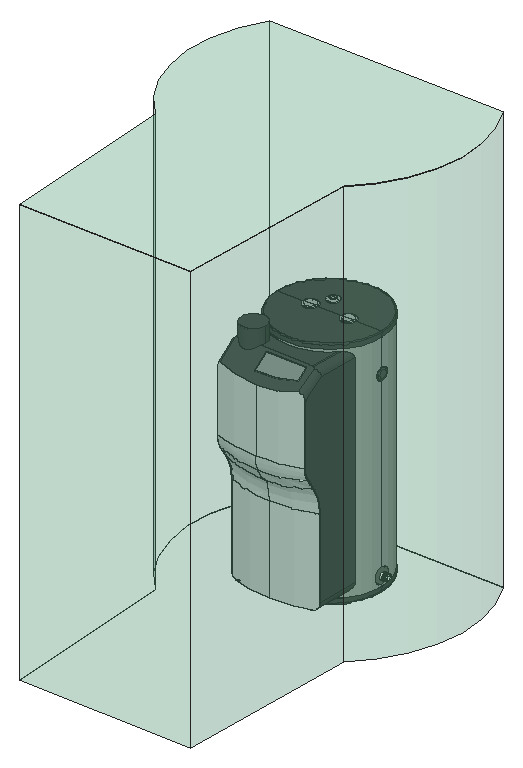
Revit family "Innovo GB_IR 12 200 GB NAT", category Mechanical Equipment, Revit 2015
Parameters (values of type "IR-12-200 GB NAT")
  Workspace Radius = Diameter + 170 mm  # 730 mm
  Workspace Height = Height + 1000 mm  # 2270 mm
  Workspace Front Distance = 1000 mm
  Working only during off-peak hour = no
  Width = Diameter  # 560 mm
  Workspace [instance] = yes
  Water heating energy efficiency class (2) = "-"
  Water heating energy efficiency class (1) = "A"  # constant formula
  Water heating energy efficiency (2) = "-"
  Water heating energy efficiency (1) = "92%"
  Warranty on tank = "36 months"  # constant formula
  Warranty on parts = "12 months"  # constant formula
  Voltage = 230 V  # constant formula
  Valve Height 02 = if(and(Height = 1745 mm, Diameter = 675 mm), 1518 mm, if(and(Height = 1745 mm, Diameter = 610 mm), 1534 mm, if(Height = 1545 mm, 1328 mm, 1070 mm)))  # 1070 mm
  Valve Height 01 = if(and(Diameter > 560 mm), 693 mm, 604 mm)  # 604 mm
  URL = "www.aosmith.co.uk"
  Type of Packaging = "Carton and Wood"  # constant formula
  Transport Weight = 114 kg
  Trade mark = "A.O. Smith"  # constant formula
  Thermostat temperature setting = 65 °C  # constant formula
  T&P Connection Rp = 3/4"
  Storage Capacity = 160.0 L
  Standard Set For = "G31"
  Stand-by Loss - daily (24h) = 0 W
  Stand-by Loss = 0 W
  Smart control = no
  Serial Number = "8717449286064"
  Seasonal Energy Efficiency Rating = [Energy Efficiency Rating (Hs, acc NEN-EN 89-1999)]  # 95
  Recovery Rate @ ΔT = 70°C = 240.0 L/s
  Recovery Rate @ ΔT = 55°C = 300.0 L/s
  Recovery Rate @ ΔT = 50°C = 330.0 L/s
  Recovery Rate @ ΔT = 44°C = 380.0 L/s
  Recovery Rate @ ΔT = 28°C = 590.0 L/s
  Product Instruction Link = ""
  Product Documentation Link = ""
  Precaustions during assembling, installation or maintenance = "see User, Installation, Service and Maintenance Manual"  # constant formula
  Power Consumption (peak) = 85 W
  Power Consumption (nominal) = 36 W
  Phase = 1
  Packaging Width = 786 mm  # constant formula
  Packaging Length = 946 mm  # constant formula
  Packaging Height = 1465 mm
  Other load profile = "-"
  Operating Weight = 274 kg
  Nominal Output = "18700"
  Nominal Heat Input (Net) = "18000"
  Nominal Heat Input (Gross) = "19600"
  Noice-level dB (A) = "<45"  # constant formula
  NOx Emissions mg/kWh = "64.0/30.0"
  NOx Emissions (air free, 0% O2) ppm = "39.0/18.0"
  Model identifier = "IR-20-160"
  Model = "IR-20-160 GB LP"
  Min. Setpoint = 40 °C  # constant formula
  Max. Setpoint = 85 °C  # constant formula
  Max. Operating Pressure = 800000.0 Pa
  Max. Flue Gas Outlet Temperature = 61 °C
  Manufacturer Number = "E 7110"  # constant formula
  Manufacturer = "A.O. Smith Water Products Company b.v."  # constant formula
  Maintenance Interval = "12 months"  # constant formula
  Load profile = "XL"
  Length = 780 mm  # constant formula
  Insulation Thickness = 50 mm
  Installation Type = "B23/C13/C33/C43/C53/C63"  # constant formula
  Indoor sound power level = "52 dB"
  Hot / Warm Water Connection R = 3/4"
  Height Warm Water Outlet = 1270 mm
  Height Gas Connection = 860 mm
  Height Flue Outlet = 1295 mm
  Height Cold Water Inlet = 170 mm
  Height Air Inlet = 1295 mm
  Height = 1270 mm
  Heating Up Time @ ΔT = 70°C = "27"
  Heating Up Time @ ΔT = 55°C = "21"
  Heating Up Time @ ΔT = 50°C = "19"
  Heating Up Time @ ΔT = 44°C = "17"
  Heating Up Time @ ΔT = 28°C = "11"
  Gas Supply Pressure = 3700.0 Pa
  Gas Flow Rate - Volume ltr/hr = "n.a."
  Gas Flow Rate - Mass kg/h = "1.40"
  Gas Connection R = 15"  # constant formula
  Gas Category = "II2E3P"  # constant formula
  Frequency = 50 Hz  # constant formula
  Flue Diameter - water heater = "80/125 mm/mm"  # constant formula
  Flue Diameter - parallel system = "2x80"  # constant formula
  Flue Diameter - concentric system = "80/125 mm/mm"  # constant formula
  Energy Efficiency Rating (Hs, acc NEN-EN 89-1999) = 95
  Energy Efficiency Rating (Hi, acc NEN-EN 89-1999) = 106
  Empty Weight = 95 kg
  Draw-off Capacity @ ΔT = 70°C after 90 min. = 410.0 L
  Draw-off Capacity @ ΔT = 70°C after 60 min. = 290.0 L
  Draw-off Capacity @ ΔT = 70°C after 30 min. = 170.0 L
  Draw-off Capacity @ ΔT = 70°C after 120 min. = 520.0 L
  Draw-off Capacity @ ΔT = 55°C after 90 min. = 540.0 L
  Draw-off Capacity @ ΔT = 55°C after 60 min. = 390.0 L
  Draw-off Capacity @ ΔT = 55°C after 30 min. = 240.0 L
  Draw-off Capacity @ ΔT = 55°C after 120 min. = 700.0 L
  Draw-off Capacity @ ΔT = 50°C after 90 min. = 600.0 L
  Draw-off Capacity @ ΔT = 50°C after 60 min. = 440.0 L
  Draw-off Capacity @ ΔT = 50°C after 30 min. = 270.0 L
  Draw-off Capacity @ ΔT = 50°C after 120 min. = 770.0 L
  Draw-off Capacity @ ΔT = 44°C after 90 min. = 690.0 L
  Draw-off Capacity @ ΔT = 44°C after 60 min. = 510.0 L
  Draw-off Capacity @ ΔT = 44°C after 30 min. = 320.0 L
  Draw-off Capacity @ ΔT = 44°C after 120 min. = 880.0 L
  Draw-off Capacity @ ΔT = 28°C after 90 min. = 1200.0 L
  Draw-off Capacity @ ΔT = 28°C after 60 min. = 820.0 L
  Draw-off Capacity @ ΔT = 28°C after 30 min. = 530.0 L
  Draw-off Capacity @ ΔT = 28°C after 120 min. = 1500.0 L
  Drain Valve Connection Rp = 3/4"  # constant formula
  Diameter = 560 mm
  Destination / Country = "UK & Ireland"  # constant formula
  Description = "Condensing High Efficiency Storage Water Heater"  # constant formula
  Default Setpoint = 65 °C  # constant formula
  Created By = "http://www.cadcompany.nl/"
  Condens Discharge Connection = 40 mm  # constant formula
  Cold Water Connection R = 3/4"  # constant formula
  Co2 Emissions (tol. +/- 1.0) vol% = "10"
  CE-PIN = "0063CQ3037"  # constant formula
  BIM Content Developer = "CAD & Company"  # constant formula
  Assembly Code = "D3010"
  Annual fuel consumption (2) = "-"
  Annual fuel consumption (1) = "16 GJ GCV"
  Annual electricity consumption (2) = "-"
  Annual electricity consumption (1) = "37 kWh"
  APS Pressure < = 115.0 Pa
  2nd Maintenance (general maintenance) = "12 months after installation"  # constant formula
  1e Maintenance (check-up) = "3 months after installation"  # constant formula
Reference planes
  plane 1 "Center (Front/Back)": y = 0
  plane 2: z = 0
  plane 3 "Center (Left/Right)": x = 0
  plane 4 "Pipe": through (-383.901, 912.349, 194.799) normal (-0.0879, -0.0879, 0.9923)
  plane 5 "footing": y = 118.925
  plane 6 "footing front": y = -237.85
  plane 7: x = -280
  plane 8: x = 280
  plane 9: z = 1270
Forms (mm)
  Revolve 1, solid, material "RAL 9005", detail levels medium+fine
    sketch origin (0, -237.85, 0) x (-1, 0, 0) y (0, 0, 1)
      loop
        line (0, 28.9) -> (-15, 28.9) -> (-15, 26.4) -> (-8.671, 26.4) -> (-8.671, 18) -> (-5.686, 18) -> (-6.626, 17.06) -> (-6.626, 12.06) -> (-8.671, 12.06) -> (-8.671, 10) -> (-10.031, 10) -> (-23.271, 5.181)
        arc (-23.271, 5.181) -> (-23.763, 4.836) -> (-24.017, 4.293) r 1.159
        line (-24.017, 4.293) -> (-24.017, 1.03)
        arc (-24.017, 1.03) -> (-23.715, 0.302) -> (-22.986, 0) r 1.03
        line (-22.986, 0) -> (0, 0) -> (0, 28.9)
      axis (0, 28.9) -> (0, 0)
    angle from 0 to 360
  Revolve 2, solid, material "RAL 9005", detail levels medium+fine
    sketch origin (0, 118.925, 0) x (-1, 0, 0) y (0, 0, 1)
      loop
        line (-180.984, 28.9) -> (-195.984, 28.9) -> (-195.984, 26.4) -> (-189.655, 26.4) -> (-189.655, 18) -> (-186.67, 18) -> (-187.61, 17.06) -> (-187.61, 12.06) -> (-189.655, 12.06) -> (-189.655, 10) -> (-191.015, 10) -> (-204.256, 5.181)
        arc (-204.256, 5.181) -> (-204.747, 4.836) -> (-205.001, 4.293) r 1.159
        line (-205.001, 4.293) -> (-205.001, 1.03)
        arc (-205.001, 1.03) -> (-204.699, 0.302) -> (-203.971, 0) r 1.03
        line (-203.971, 0) -> (-180.984, 0) -> (-180.984, 28.9)
      axis (-180.984, 28.9) -> (-180.984, 0)
    angle from 0 to 360
  Revolve 3, solid, material "RAL 9005", detail levels medium+fine
    sketch origin (0, 118.925, 0) x (-1, 0, 0) y (0, 0, 1)
      loop
        line (179.016, 28.9) -> (164.016, 28.9) -> (164.016, 26.4) -> (170.345, 26.4) -> (170.345, 18) -> (173.33, 18) -> (172.39, 17.06) -> (172.39, 12.06) -> (170.345, 12.06) -> (170.345, 10) -> (168.985, 10) -> (155.744, 5.181)
        arc (155.744, 5.181) -> (155.253, 4.836) -> (154.999, 4.293) r 1.159
        line (154.999, 4.293) -> (154.999, 1.03)
        arc (154.999, 1.03) -> (155.301, 0.302) -> (156.029, 0) r 1.03
        line (156.029, 0) -> (179.016, 0) -> (179.016, 28.9)
      axis (179.016, 28.9) -> (179.016, 0)
    angle from 0 to 360
Lines and regions (mm)
  symbolic lines
    curve 1: line (0, 280.06, 0) -> (0, -280.06, 0)
    curve 2: line (-255.06, 0, 0) -> (255.06, 0, 0)
  symbolic lines, style "Workspace"
    curve 3: line (623.261, 380.06, 0) -> (-623.261, 380.06, 0)
    curve 4: arc (-623.261, 380.06, 0) -> (-723.227, -99.209, 0) -> (-497.893, -533.856, 0) r 730
    curve 5: line (-497.893, -533.856, 0) -> (-454.283, -1492.825, 0)
    curve 6: line (-454.283, -1492.825, 0) -> (456.53, -1492.825, 0)
    curve 7: line (456.53, -1492.825, 0) -> (500.201, -531.695, 0)
    curve 8: arc (500.201, -531.695, 0) -> (723.44, -97.643, 0) -> (623.261, 380.06, 0) r 730
Dimensions and locks
  plane 5 "footing" to plane 1 "Center (Front/Back)" = 118.925 mm
  plane 1 "Center (Front/Back)" to plane 6 "footing front" = 237.85 mm
  "Diameter": plane 7 to plane 8
  equal spacing: plane 7, plane 3 "Center (Left/Right)", plane 8
  "Height": plane 9 to plane 2
  "Workspace Front Distance": curve 6 to nested 3
  "Workspace Radius": radius of curve 4
  "Workspace Radius": radius of curve 8
  aligned and locked: level to plane 2
  aligned and locked: nested 3 to Revolve 1 sketch curve
  aligned and locked: plane 3 "Center (Left/Right)" to Revolve 1 sketch curve
  aligned and locked: nested 3 to plane 1 "Center (Front/Back)"
  aligned and locked: plane 3 "Center (Left/Right)" to nested 3
  aligned and locked: nested 1 to plane 8
  aligned and locked: nested 5 to plane 8
  aligned and locked: nested 2 to plane 7
  aligned and locked: nested 4 to plane 7
  aligned and locked: nested 7 to plane 7
  aligned and locked: nested 8 to plane 3 "Center (Left/Right)"
  aligned and locked: plane 1 "Center (Front/Back)" to nested 8
  aligned and locked: nested 8 to nested 3
  aligned and locked: curve 5 to nested 8
  aligned and locked: curve 7 to nested 8
  aligned and locked: curve 3 to nested 8
Automatic sketch dimensions
  Revolve 1 sketch curve to level = 0 mm
  plane 3 "Center (Left/Right)" to Revolve 1 sketch curve = 5.686 mm
  Revolve 1 sketch curve to Revolve 1 sketch curve = 0.94 mm  (x2)
  Revolve 1 sketch curve to Revolve 1 sketch curve = 2.046 mm  (x2)
  Revolve 1 sketch curve to Revolve 1 sketch curve = 1.359 mm
  Revolve 1 sketch curve to Revolve 1 sketch curve = 6.329 mm
  level to Revolve 1 sketch curve = 4.091 mm
  Revolve 1 sketch curve to Revolve 1 sketch curve = 12.844 mm
  level to Revolve 1 sketch curve = 1.03 mm
  Revolve 1 sketch curve to Revolve 1 sketch curve = 0.111 mm
  level to Revolve 1 sketch curve = 5.181 mm
  Revolve 1 sketch curve to Revolve 1 sketch curve = 0.745 mm
  level to Revolve 1 sketch curve = 10 mm
  Revolve 1 sketch curve to Revolve 1 sketch curve = 2.06 mm
  Revolve 1 sketch curve to Revolve 1 sketch curve = 5 mm
  Revolve 1 sketch curve to Revolve 1 sketch curve = 8.4 mm
  Revolve 1 sketch curve to Revolve 1 sketch curve = 2.5 mm
  Revolve 1 sketch curve to level = 19.635 mm
  Revolve 1 sketch curve to Revolve 1 sketch curve = 46.465 mm
  Revolve 2 sketch curve to level = 0 mm
  level to Revolve 2 sketch curve = 1.03 mm
  Revolve 2 sketch curve to plane 8 = 74.999 mm
  level to Revolve 2 sketch curve = 5.181 mm
  Revolve 2 sketch curve to Revolve 2 sketch curve = 0.745 mm
  Revolve 2 sketch curve to Revolve 2 sketch curve = 0.397 mm
  Revolve 2 sketch curve to Revolve 2 sketch curve = 8.271 mm
  Revolve 2 sketch curve to Revolve 2 sketch curve = 13.241 mm
  Revolve 2 sketch curve to Revolve 2 sketch curve = 1.359 mm
  Revolve 2 sketch curve to Revolve 2 sketch curve = 6.329 mm
  Revolve 2 sketch curve to Revolve 2 sketch curve = 2.046 mm
  level to Revolve 2 sketch curve = 18 mm
  Revolve 2 sketch curve to Revolve 2 sketch curve = 0.94 mm  (x2)
  Revolve 2 sketch curve to Revolve 2 sketch curve = 8.671 mm
  Revolve 2 sketch curve to Revolve 2 sketch curve = 1.089 mm
  Revolve 2 sketch curve to Revolve 2 sketch curve = 8 mm
  Revolve 2 sketch curve to Revolve 2 sketch curve = 2.06 mm
  Revolve 2 sketch curve to Revolve 2 sketch curve = 8.4 mm
  Revolve 2 sketch curve to Revolve 2 sketch curve = 2.5 mm
  Revolve 2 sketch curve to Revolve 2 sketch curve = 0 mm
  Revolve 2 sketch curve to level = 19.635 mm
  Revolve 2 sketch curve to Revolve 2 sketch curve = 46.465 mm
  Revolve 3 sketch curve to level = 0 mm
  level to Revolve 3 sketch curve = 1.03 mm
  Revolve 3 sketch curve to plane 7 = 125.001 mm
  level to Revolve 3 sketch curve = 5.181 mm
  Revolve 3 sketch curve to Revolve 3 sketch curve = 0.745 mm
  Revolve 3 sketch curve to Revolve 3 sketch curve = 0.397 mm
  Revolve 3 sketch curve to Revolve 3 sketch curve = 8.271 mm
  Revolve 3 sketch curve to Revolve 3 sketch curve = 13.241 mm
  Revolve 3 sketch curve to Revolve 3 sketch curve = 1.359 mm
  Revolve 3 sketch curve to Revolve 3 sketch curve = 6.329 mm
  Revolve 3 sketch curve to Revolve 3 sketch curve = 2.046 mm
  level to Revolve 3 sketch curve = 18 mm
  Revolve 3 sketch curve to Revolve 3 sketch curve = 0.94 mm  (x2)
  Revolve 3 sketch curve to Revolve 3 sketch curve = 8.671 mm
  Revolve 3 sketch curve to Revolve 3 sketch curve = 1.089 mm
  Revolve 3 sketch curve to Revolve 3 sketch curve = 8 mm
  Revolve 3 sketch curve to Revolve 3 sketch curve = 2.06 mm
  Revolve 3 sketch curve to Revolve 3 sketch curve = 8.4 mm
  Revolve 3 sketch curve to Revolve 3 sketch curve = 2.5 mm
  Revolve 3 sketch curve to Revolve 3 sketch curve = 0 mm
  Revolve 3 sketch curve to level = 19.635 mm
  Revolve 3 sketch curve to Revolve 3 sketch curve = 46.465 mm
  curve 4 to curve 8 = 0 mm  (x2)
  plane 1 "Center (Front/Back)" to curve 2 = 0 mm
  curve 1 to plane 3 "Center (Left/Right)" = 0 mm
  plane 1 "Center (Front/Back)" to curve 4 = 0 mm
  curve 4 to plane 3 "Center (Left/Right)" = 0 mm
  curve 2 to plane 7 = 24.94 mm
  curve 2 to plane 8 = 24.94 mm
  curve 1 to plane 6 "footing front" = 42.21 mm
  plane 5 "footing" to curve 1 = 161.135 mm
Nested families
  nested 1: "Valve" at (280, -0.38, 1070) x (0, 1, 0) z (0, 0, 1), built-in parameter 1001364 <- "Valve Height 02", type "Valve"
  nested 2: "Drain Valve" at (-280, 0, 1070), built-in parameter 1001364 <- "Valve Height 02", type "Drain Valve"
  nested 3: "Housing Mother Housing S 57 (external)" at (0, -274.886, 0), type "Housing Mother_Housing S_57"
  nested 4: "Drain Valve" at (-280, 0, 177), type "Drain Valve"
  nested 5: "Drain Valve" at (280, 0, 107) x (-1, 0, 0) z (0, 0, 1), type "Drain Valve"
  nested 6: "Boiler" at (0, 0, 0), height <- "Height", type "Boiler"
    with height 1270 mm
  nested 7: "Drain Valve" at (-280, 0, 604), built-in parameter 1001364 <- "Valve Height 01", type "Drain Valve"
  nested 8: "Innovo_workspace" at (0, 0, 0), Workspace <- "Workspace", Workspace Distance Front <- "Workspace Front Distance", Workspace Height <- "Workspace Height", Workspace Radius <- "Workspace Radius", type "Workspace"
    with Workspace Radius 730 mm, Workspace Height 2270 mm, Workspace Distance Front 1000 mm, Workspace yes, Center to Front 492.825 mm
Connectors
  piping at (314.826, 0, 107), diameter 19.05, driven by "Drain Valve Connection Rp"
    settings: on nested 5, index 1, connector inside diameter 24", connector length 0 mm, flow factor 0, pipe flow 0.0 L/s, pressure drop 0.0 Pa, fitting loss kfactor 0, connector angle 0.00°, fixture units 0, engagement length 0 mm, angle of deflection 0.00°, flow configuration 0, flow direction 0, fitting loss method 0, system type 19, joint type 0, gender type 0, connector reference index -1, connector utility 0, adjustable connector no, is connector primary yes, connector description ""
  hvac at (-147.013, -321.326, 1310.674)
    settings: on nested 3, index 2, duct flow 0.0 L/s, flow factor 0, pres drop 0.0 Pa, loss coef 0, conn angle 0.00°, conn width 304.8 mm, conn height 304.8 mm, conn diameter 125 mm, duct sys type 4, conn prof type 0, flow config 0, flow direction 0, loss method 0, conn ref index -1, conn util no, is conn primary yes, conn desc ""
Definition of nested family "Valve"
  Parameters (values of type "Valve")
    Type Comments = "T&P valve (internal)"
    Manufacturer = "A.O. Smith"
  Reference planes
    plane 1 "Center (Front/Back)": y = 0
    plane 2: z = 0
    plane 3 "Center (Left/Right)": x = 0
  Forms (mm)
    Extrusion 1, solid, detail levels fine
      sketch origin (0, 0, 0) x (1, 0, 0) y (0, 0, 1)
        loop
          circle (0, 0) r 31.5
      from -2.271 to 1.4
    Sweep 2, solid, detail levels fine
      path origin (0, -1.4, 0) x (1, 0, 0) y (0, 0, 1)
        loop
          circle (0, 0) r 31.5
      profile origin (0, -1.4, 31.5) x (0, 0, -1) y (0, -1, 0)
        loop
          line (7.3, 0) -> (7.3, 3) -> (0, 0) -> (7.3, 0)
  Dimensions and locks
    aligned and locked: level to plane 2
Definition of nested family "Drain Valve"
  Reference planes
    plane 1 "Center (Front/Back)": y = 0
    plane 2: z = 0
    plane 3 "Center (Left/Right)": x = 0
  Forms (mm)
    Revolve 1, solid, detail levels medium+fine
      sketch origin (0, 0, 0) x (1, 0, 0) y (0, 0, 1)
        loop
          line (-33.442, 15.696) -> (-34.826, 14.329) -> (-34.93, 12.731) -> (-16.555, 12.731) -> (-16.555, 0) -> (15.787, 0) -> (15.787, 18.3) -> (-14.4, 18.3) -> (-17.148, 15.533) -> (-18.729, 16.697) -> (-20.091, 15.333) -> (-21.672, 16.496) -> (-23.034, 15.133) -> (-24.614, 16.296) -> (-25.976, 14.932) -> (-27.557, 16.096) -> (-28.919, 14.732) -> (-30.5, 15.896) -> (-31.862, 14.532) -> (-33.442, 15.696)
        axis (-34.93, 0) -> (15.787, 0)
      angle from 0 to 360
  Dimensions and locks
    aligned and locked: level to plane 2
  Nested families
    nested 1: "Rubber sealing" at (2.592, -0.155, 0) x (0.0023, -1, 0) z (0, 0, 1), type "Rubber sealing", detail levels fine
  Definition of nested family "Rubber sealing"
    Reference planes
      plane 1 "Center (Front/Back)": y = 0
      plane 2: z = 0
      plane 3 "Center (Left/Right)": x = 0
    Forms (mm)
      Extrusion 1, solid, detail levels fine
        sketch origin (141.861, 319.581, 0) x (1, 0, 0) y (0, 1, 0)
          loop
            line (-216.354, -311.898) -> (-216.354, -313.94)
            arc (-216.354, -313.94) -> (-141.602, -321.581) -> (-66.861, -313.835) r 366.966
            line (-66.861, -313.835) -> (-66.861, -311.791)
            arc (-66.861, -311.791) -> (-141.602, -319.581) -> (-216.354, -311.898) r 364.966
        from -80 to 80
      Extrusion 2, void
        sketch origin (141.861, 319.581, 0) x (1, 0, 0) y (0, 0, 1)
          loop
            circle (-141.861, 0) r 13
          loop
            circle (-141.861, 0) r 110
          loop
            circle (-141.861, 0) r 40
        from 311.563 to 332.684
      Extrusion 3, void
        sketch origin (141.861, 319.581, 0) x (1, 0, 0) y (0, 0, 1)
          loop
            circle (-141.861, 0) r 18.25
        from 315.524 to 326.084
    Cuts and joins
      Extrusion 2, Extrusion 3 cuts Extrusion 1
    Dimensions and locks
      aligned and locked: level to plane 2
Definition of nested family "Housing Mother Housing S 57 (external)"
  Parameters (values of type "Housing Mother_Housing S_57")
    radius [instance] = 280 mm
    distance to boiler center = if(diameter = 675 mm, 189 mm, if(diameter = 610 mm, 154 mm, 129 mm))  # 129 mm
    diameter = 560 mm
  Reference planes
    plane 1 "Center (Front/Back)": y = 0
    plane 2: z = 0
    plane 3 "Center (Left/Right)": x = 0
    plane 4 "left": through (-245.286, 145.886, 1200) normal (0.9994, 0.0349, 0)
    plane 5: y = -217.939
    plane 6: y = 145.886
    plane 7: z = 1232.6
    plane 8: z = 65.89
    plane 9 "right": through (245.286, 145.886, 1200) normal (0.9994, -0.0349, 0)
    plane 10 "display": through (0, -90.37, 1221.196) normal (0, -0.5736, 0.8192)
    plane 11 "Potentiostat": z = 867.899
    plane 12 "boiler center": y = 274.886
    plane 13: x = -280
    plane 14: x = 280
  Forms (mm)
    Extrusion 1, solid
      sketch origin (0, 0, 0) x (1, 0, 0) y (0, 1, 0)
        loop
          line (-245.286, 145.886) -> (-232.581, -217.939) -> (232.581, -217.939) -> (245.286, 145.886)
          arc (245.286, 145.886) -> (0, 0.923) -> (-245.286, 145.886) r 280
      from 0 to 1232.6
    Sweep 2, void
      path origin (0, 0, 0) x (0, 1, 0) y (0, 0, 1)
        loop
          line (-217.939, 1232.6) -> (-217.939, 795.555)
          arc (-217.939, 795.555) -> (-212.387, 754.285) -> (-197.694, 715.322) r 183.924
          arc (-197.694, 715.322) -> (-179.915, 684.628) -> (-159.106, 655.901) r 348.284
          arc (-159.106, 655.901) -> (-131.411, 600.328) -> (-121.88, 538.973) r 202.254
          line (-121.88, 538.973) -> (-121.88, 61.106)
      profile origin (0, -217.939, 1014.077) x (1, 0, 0) y (0, 1, 0)
        loop
          arc (0, 0) -> (-117.533, 9.941) -> (-231.728, 39.475) r 699.984
          arc (-231.728, 39.475) -> (-233.391, 40.705) -> (-234.07, 42.659) r 3.505
          line (-234.07, 42.659) -> (-254.062, 42.659) -> (-254.062, -142.593) -> (254.07, -142.593) -> (254.07, 42.659) -> (234.07, 42.659)
          arc (234.07, 42.659) -> (233.391, 40.705) -> (231.728, 39.475) r 3.505
          arc (231.728, 39.475) -> (117.533, 9.941) -> (0, 0) r 699.984
    Extrusion 3, void
      sketch origin (0, 0, 0) x (0, 1, 0) y (0, 0, 1)
        loop
          arc (102.864, 70.869) -> (99.804, 70.709) -> (96.874, 69.813) r 12.57
          arc (96.874, 69.813) -> (87.878, 66.533) -> (78.516, 64.529) r 69.114
          arc (78.516, 64.529) -> (76.41, 64.284) -> (74.294, 64.148) r 41.206
          arc (74.294, 64.148) -> (65.203, 64.335) -> (56.122, 64.782) r 318.661
          arc (56.122, 64.782) -> (30.585, 66.179) -> (5.028, 67.128) r 1456.581
          line (5.028, 67.128) -> (-84.534, 73.135)
          arc (-84.534, 73.135) -> (-86.363, 73.808) -> (-87.536, 75.365) r 3.455
          line (-87.536, 75.365) -> (-264.473, 75.365) -> (-264.473, 0) -> (160.886, 0) -> (160.886, 103.945) -> (145.886, 103.945)
          arc (145.886, 103.945) -> (145.104, 97.827) -> (142.923, 92.059) r 26.364
          arc (142.923, 92.059) -> (141.067, 88.936) -> (138.867, 86.045) r 31.715
          arc (138.867, 86.045) -> (135.576, 82.49) -> (132.021, 79.2) r 62.615
          arc (132.021, 79.2) -> (125.841, 74.697) -> (119.091, 71.103) r 54.444
          arc (119.091, 71.103) -> (116.371, 70.272) -> (113.531, 70.123) r 11.669
          line (113.531, 70.123) -> (102.864, 70.869)
      from -254.062 to 254.07
    Sweep 4, void
      path origin (0, 0, 0) x (1, 0, 0) y (0, 1, 0)
        loop
          line (-245.286, 145.886) -> (-232.581, -217.939)
      profile origin (-238.933, -36.027, 0) x (0.999391, 0.034899, 0) y (0, 0, 1)
        loop
          line (-4.454, 0) -> (47.084, 0) -> (47.084, 73.431)
          arc (47.084, 73.431) -> (14.222, 85.134) -> (0.255, 117.1) r 43.922
          line (0.255, 117.1) -> (-4.454, 117.1) -> (-4.454, 0)
    Sweep 5, void
      path origin (0, 0, 0) x (-1, 0, 0) y (0, 1, 0)
        loop
          line (-245.286, 145.886) -> (-232.581, -217.939)
      profile origin (238.933, -36.027, 0) x (0.999391, -0.034899, 0) y (0, 0, 1)
        loop
          line (4.454, 0) -> (4.454, 117.1) -> (-0.255, 117.1)
          arc (-0.255, 117.1) -> (-14.222, 85.134) -> (-47.084, 73.431) r 43.922
          line (-47.084, 73.431) -> (-47.084, 0) -> (4.454, 0)
    Sweep 6, void
      path origin (-239.899, -8.377, 0) x (-0.034899, 0.999391, 0) y (0, 0, 1)
        loop
          line (-209.69, 1141.272) -> (-79.18, 1232.6) -> (154.358, 1232.6)
      profile origin (-241.211, 29.188, 1232.6) x (0, 0, 1) y (0.999391, 0.034899, 0)
        loop
          line (-45, -30) -> (75, -30) -> (75, 0) -> (75, 55) -> (2.799, 55) -> (-1.253, 35.128)
          arc (-1.253, 35.128) -> (-16.771, 9.564) -> (-45, -0.308) r 44.287
          line (-45, -0.308) -> (-45, -30)
    Sweep 7, void
      path origin (239.899, -8.377, 0) x (0.034899, 0.999391, 0) y (0, 0, 1)
        loop
          line (-209.69, 1141.272) -> (-79.18, 1232.6) -> (154.358, 1232.6)
      profile origin (241.211, 29.188, 1232.6) x (0, 0, -1) y (-0.999391, 0.034899, 0)
        loop
          line (-75, -25) -> (45, -25) -> (45, -0.308)
          arc (45, -0.308) -> (16.771, 9.564) -> (1.253, 35.128) r 44.287
          line (1.253, 35.128) -> (-2.799, 55) -> (-75, 55) -> (-75, -25)
    Extrusion 8, void
      sketch origin (0, 0, 0) x (0, 1, 0) y (0, 0, 1)
        loop
          line (-270, 1336.099) -> (-270, 1099.081) -> (68.497, 1336.099) -> (-270, 1336.099)
      from -425.038 to 444.42
    Extrusion 9, solid, detail levels medium+fine
      sketch origin (0, 0, 0) x (1, 0, 0) y (0, 1, 0)
        loop
          circle (-147.013, -46.44) r 65
      from 1163.174 to 1310.674
    Extrusion 10, void
      sketch origin (0, -603.506, 861.895) x (0, 0.819152, 0.573576) y (-1, 0, 0)
        loop
          arc (618.322, -173) -> (623.272, -170.95) -> (625.322, -166) r 7
          line (625.322, -166) -> (625.322, 35)
          arc (625.322, 35) -> (623.272, 39.95) -> (618.322, 42) r 7
          line (618.322, 42) -> (535.473, 42)
          arc (535.473, 42) -> (530.688, 40.11) -> (528.488, 35.46) r 7
          arc (528.488, 35.46) -> (531.569, -67.592) -> (554.18, -168.18) r 540
          arc (554.18, -168.18) -> (556.724, -171.668) -> (560.831, -173) r 7
          line (560.831, -173) -> (618.322, -173)
      from 0 to 137.286
    Sweep 11, solid, detail levels fine
      path origin (0, 0, 867.899) x (-1, 0, 0) y (0, -1, 0)
        loop
          line (309.749, -35.617) -> (204.371, -35.617)
          arc (204.371, -35.617) -> (196.509, -34.687) -> (189.082, -31.947) r 33.677
          line (189.082, -31.947) -> (-9.574, 69.274)
      profile origin (-257.06, 35.617, 867.899) x (0, 1, 0) y (0, 0, 1)
        loop
          circle (0, 0) r 7.316
        loop
          circle (0, 0) r 6.465
    Revolve 12, void
      sketch origin (0, 274.886, 0) x (-1, 0, 0) y (0, 0, 1)
        loop
          line (280, 1243.838) -> (0, 1243.838) -> (0, 54.9) -> (280, 54.9) -> (280, 1243.838)
        axis (0, 1243.838) -> (0, 54.9)
      angle from 0 to 360
  Cuts and joins
    Sweep 2, Extrusion 3, Sweep 4, Sweep 5, Sweep 6, Sweep 7, Extrusion 8, Extrusion 10, Revolve 12 cuts Extrusion 1
  Dimensions and locks
    plane 8 to plane 2 = 65.89 mm
    plane 7 to plane 8 = 1166.71 mm
    "distance to boiler center": plane 12 "boiler center" to plane 6
    "diameter": plane 14 to plane 13
    equal spacing: plane 14, plane 3 "Center (Left/Right)", plane 13
    "radius": plane 3 "Center (Left/Right)" to plane 13
    aligned and locked: level to plane 2
    aligned and locked: Extrusion 1 to plane 7
    aligned and locked: Extrusion 1 sketch curve to plane 5
    aligned and locked: Sweep 2 to Extrusion 3
    aligned and locked: Extrusion 3 to Sweep 2  (x2)
    aligned and locked: plane 7 to Sweep 2 sketch curve
    aligned and locked: plane 3 "Center (Left/Right)" to Revolve 12 sketch curve
    aligned and locked: Revolve 12 sketch curve to plane 3 "Center (Left/Right)"
    aligned and locked: plane 13 to Revolve 12 sketch curve
  Automatic sketch dimensions
    Extrusion 1 sketch curve to plane 4 "left" = 0 mm  (x2)
    Extrusion 1 sketch curve to plane 6 = 0 mm  (x2)
    Extrusion 1 sketch curve to plane 3 "Center (Left/Right)" = 0 mm
    Extrusion 1 sketch curve to plane 9 "right" = 0 mm
    plane 6 to Extrusion 1 sketch curve = 135.037 mm
    Sweep 2 sketch curve to plane 5 = 0 mm
    plane 5 to Sweep 2 sketch curve = 106.195 mm
    Sweep 2 sketch curve to plane 5 = 96.059 mm
    plane 1 "Center (Front/Back)" to Sweep 2 sketch curve = 34.053 mm
    plane 11 "Potentiostat" to Sweep 2 sketch curve = 6.417 mm
    Sweep 2 sketch curve to plane 6 = 33.705 mm
    Sweep 2 sketch curve to plane 11 "Potentiostat" = 68.615 mm
    Sweep 2 sketch curve to plane 11 "Potentiostat" = 72.345 mm
    Sweep 2 sketch curve to Sweep 2 sketch curve = 176.349 mm
    Sweep 2 sketch curve to Sweep 2 sketch curve = 0 mm  (x2)
    plane 8 to Sweep 2 sketch curve = 4.784 mm
    Extrusion 3 sketch curve to level = 0 mm
    Extrusion 3 sketch curve to plane 6 = 0 mm
    Extrusion 3 sketch curve to plane 6 = 26.363 mm
    Extrusion 3 sketch curve to Extrusion 3 sketch curve = 4.75 mm
    Extrusion 3 sketch curve to Extrusion 3 sketch curve = 5.179 mm
    Extrusion 3 sketch curve to plane 8 = 4.232 mm
    Extrusion 3 sketch curve to Extrusion 3 sketch curve = 0.814 mm
    Extrusion 3 sketch curve to plane 8 = 4.978 mm
    Extrusion 3 sketch curve to Extrusion 3 sketch curve = 10.667 mm
    Extrusion 3 sketch curve to Extrusion 3 sketch curve = 0.877 mm
    Extrusion 3 sketch curve to Extrusion 3 sketch curve = 17.827 mm
    Extrusion 3 sketch curve to Extrusion 3 sketch curve = 5.646 mm
    Extrusion 3 sketch curve to plane 6 = 69.562 mm
    Extrusion 3 sketch curve to Extrusion 3 sketch curve = 18.6 mm
    Extrusion 3 sketch curve to Extrusion 3 sketch curve = 22.538 mm
    Extrusion 3 sketch curve to plane 8 = 1.238 mm
    Extrusion 3 sketch curve to plane 1 "Center (Front/Back)" = 5.028 mm
    plane 1 "Center (Front/Back)" to Extrusion 3 sketch curve = 36.224 mm
    Extrusion 3 sketch curve to plane 8 = 10.692 mm
    plane 1 "Center (Front/Back)" to Extrusion 3 sketch curve = 84.302 mm
    Extrusion 3 sketch curve to plane 8 = 7.244 mm
    Extrusion 3 sketch curve to Extrusion 3 sketch curve = 0.231 mm
    Extrusion 3 sketch curve to Extrusion 3 sketch curve = 3.234 mm
    plane 5 to Extrusion 3 sketch curve = 46.534 mm
    plane 6 to Extrusion 3 sketch curve = 15 mm
    Extrusion 3 sketch curve to level = 1388.869 mm
    plane 8 to Extrusion 3 sketch curve = 7.561 mm
    Extrusion 3 sketch curve to Extrusion 3 sketch curve = 11.64 mm
    Extrusion 3 sketch curve to plane 8 = 38.054 mm
    Extrusion 3 sketch curve to Extrusion 3 sketch curve = 22.442 mm
    Extrusion 3 sketch curve to plane 8 = 39.432 mm
    Extrusion 3 sketch curve to Extrusion 3 sketch curve = 2.466 mm
    Extrusion 3 sketch curve to Extrusion 3 sketch curve = 14.17 mm
    Extrusion 3 sketch curve to Extrusion 3 sketch curve = 5.925 mm
    Extrusion 3 sketch curve to Extrusion 3 sketch curve = 6.186 mm
    Extrusion 3 sketch curve to Extrusion 3 sketch curve = 249.85 mm
    Extrusion 3 sketch curve to Extrusion 3 sketch curve = 0 mm  (x4)
    Extrusion 3 sketch curve to Extrusion 3 sketch curve = 6.845 mm
    plane 8 to Extrusion 3 sketch curve = 1.743 mm
    Sweep 4 sketch curve to plane 4 "left" = 0 mm  (x2)
    Sweep 4 sketch curve to plane 6 = 0 mm
    plane 5 to Sweep 4 sketch curve = 0 mm
    Sweep 4 sketch curve to level = 0 mm
    profile plane to Sweep 4 sketch curve = 4.454 mm
    Sweep 4 sketch curve to profile plane = 0.255 mm
    Sweep 4 sketch curve to Sweep 4 sketch curve = 43.922 mm
    Sweep 4 sketch curve to profile plane = 47.084 mm
    level to Sweep 4 sketch curve = 73.431 mm
    Sweep 4 sketch curve to Sweep 4 sketch curve = 43.669 mm
    Sweep 5 sketch curve to plane 6 = 0 mm
    Sweep 5 sketch curve to plane 9 "right" = 0 mm  (x2)
    plane 5 to Sweep 5 sketch curve = 0 mm
    Sweep 5 sketch curve to level = 0 mm
    profile plane to Sweep 5 sketch curve = 47.084 mm
    Sweep 5 sketch curve to Sweep 5 sketch curve = 2.907 mm
    profile plane to Sweep 5 sketch curve = 0.255 mm
    Sweep 5 sketch curve to profile plane = 4.454 mm
    level to Sweep 5 sketch curve = 73.431 mm
    Sweep 5 sketch curve to Sweep 5 sketch curve = 43.669 mm
    Sweep 6 sketch curve to plane 7 = 0 mm
    plane 7 to Sweep 6 sketch curve = 91.328 mm
    Sweep 6 sketch curve to Sweep 6 sketch curve = 130.509 mm
    Sweep 6 sketch curve to Sweep 6 sketch curve = 233.538 mm
    Sweep 6 sketch curve to plane 4 "left" = 0 mm
    profile plane to Sweep 6 sketch curve = 45 mm
    Sweep 6 sketch curve to Sweep 6 sketch curve = 0.354 mm
    profile plane to Sweep 6 sketch curve = 1.253 mm
    Sweep 6 sketch curve to profile plane = 2.799 mm
    Sweep 6 sketch curve to Sweep 6 sketch curve = 72.201 mm
    Sweep 6 sketch curve to plane 4 "left" = 0.308 mm
    Sweep 6 sketch curve to Sweep 6 sketch curve = 29.692 mm
    plane 4 "left" to Sweep 6 sketch curve = 35.128 mm
    plane 4 "left" to Sweep 6 sketch curve = 55 mm
    Sweep 7 sketch curve to plane 7 = 0 mm
    Sweep 7 sketch curve to plane 7 = 91.328 mm
    Sweep 7 sketch curve to Sweep 7 sketch curve = 130.509 mm
    Sweep 7 sketch curve to Sweep 7 sketch curve = 233.538 mm
    Sweep 7 sketch curve to plane 9 "right" = 25 mm
    profile plane to Sweep 7 sketch curve = 75 mm
    profile plane to Sweep 7 sketch curve = 2.799 mm
    Sweep 7 sketch curve to profile plane = 1.253 mm
    Sweep 7 sketch curve to Sweep 7 sketch curve = 43.393 mm
    Sweep 7 sketch curve to profile plane = 45 mm
    Sweep 7 sketch curve to plane 9 "right" = 0.308 mm
    plane 9 "right" to Sweep 7 sketch curve = 35.128 mm
    Sweep 7 sketch curve to Sweep 7 sketch curve = 19.872 mm
    plane 5 to Extrusion 8 sketch curve = 52.061 mm
    Extrusion 8 sketch curve to plane 1 "Center (Front/Back)" = 68.497 mm
    plane 7 to Extrusion 8 sketch curve = 133.519 mm
    Extrusion 8 sketch curve to plane 7 = 103.499 mm
    plane 1 "Center (Front/Back)" to Extrusion 9 sketch curve = 46.44 mm
    Extrusion 9 sketch curve to plane 3 "Center (Left/Right)" = 147.013 mm
    Extrusion 10 sketch curve to plane 3 "Center (Left/Right)" = 0 mm
    Extrusion 10 sketch curve to plane 3 "Center (Left/Right)" = 35 mm
    Extrusion 10 sketch curve to Extrusion 10 sketch curve = 25.359 mm
    Extrusion 10 sketch curve to Extrusion 10 sketch curve = 57.491 mm
    Extrusion 10 sketch curve to plane 3 "Center (Left/Right)" = 42 mm
    Extrusion 10 sketch curve to Extrusion 10 sketch curve = 82.85 mm
    Extrusion 10 sketch curve to Extrusion 10 sketch curve = 7 mm
    Extrusion 10 sketch curve to Extrusion 10 sketch curve = 442 mm
    plane 3 "Center (Left/Right)" to Extrusion 10 sketch curve = 166 mm
    Extrusion 10 sketch curve to Extrusion 10 sketch curve = 0 mm  (x2)
    Sweep 11 sketch curve to plane 1 "Center (Front/Back)" = 31.947 mm
    Sweep 11 sketch curve to plane 3 "Center (Left/Right)" = 189.082 mm
    Sweep 11 sketch curve to plane 1 "Center (Front/Back)" = 1.94 mm
    Sweep 11 sketch curve to Sweep 11 sketch curve = 15.289 mm
    plane 3 "Center (Left/Right)" to Sweep 11 sketch curve = 9.574 mm
    Sweep 11 sketch curve to Sweep 11 sketch curve = 105.378 mm
    plane 1 "Center (Front/Back)" to Sweep 11 sketch curve = 69.274 mm
    Sweep 11 sketch curve to Sweep 11 sketch curve = 0 mm  (x2)
    Sweep 11 sketch curve to plane 11 "Potentiostat" = 0 mm
    Sweep 11 sketch curve to profile plane = 0 mm
    plane 8 to Revolve 12 sketch curve = 10.99 mm
    Revolve 12 sketch curve to plane 7 = 11.238 mm
    Revolve 12 sketch curve to level = 366.045 mm
    Revolve 12 sketch curve to Revolve 12 sketch curve = 971.917 mm
    Sweep 2 sketch curve to plane 3 "Center (Left/Right)" = 0 mm
    profile plane to Sweep 2 sketch curve = 0 mm
    Sweep 2 sketch curve to plane 3 "Center (Left/Right)" = 0.016 mm
    Sweep 2 sketch curve to profile plane = 42.782 mm  (x2)
    Sweep 2 sketch curve to plane 3 "Center (Left/Right)" = 230.568 mm
    plane 3 "Center (Left/Right)" to Sweep 2 sketch curve = 0.016 mm
    plane 3 "Center (Left/Right)" to Sweep 2 sketch curve = 230.568 mm
    Sweep 2 sketch curve to Sweep 2 sketch curve = 3.502 mm  (x2)
    Sweep 2 sketch curve to Sweep 2 sketch curve = 20 mm
    profile plane to Sweep 2 sketch curve = 142.593 mm
    Sweep 2 sketch curve to Sweep 2 sketch curve = 0.122 mm  (x2)
    Sweep 2 sketch curve to Sweep 2 sketch curve = 657.203 mm
    Sweep 2 sketch curve to Sweep 2 sketch curve = 19.991 mm
    radius of Extrusion 9 sketch curve = 65 mm
    radius of Sweep 11 sketch curve = 7.316 mm
    radius of Sweep 11 sketch curve = 6.465 mm
  Nested families
    nested 1: "display" at (65.5, -130.939, 1192.79) x (-1, 0, 0) z (0, -0.5736, 0.8192), type "display"
  Definition of nested family "display"
    Parameters (values of type "display")
      Default Elevation = 1219.2 mm
    Reference planes
      plane 1 "Center (Front/Back)": y = 0
      plane 2: z = 0
      plane 3 "Center (Left/Right)": x = 0
    Forms (mm)
      Extrusion 1, solid, detail levels medium+fine
        sketch origin (-16.958, 11.842, -343.878) x (1, 0, 0) y (0, 0, -1)
          loop
            line (-233.523, -343.878) -> (-233.523, -346.592) -> (332.686, -346.592) -> (332.686, -343.878) -> (-233.523, -343.878)
        from -228.7 to 150.822
      Extrusion 2, void
        sketch origin (-16.958, 6.842, -343.878) x (1, 0, 0) y (0, 1, 0)
          loop
            line (-233.523, 155.822) -> (-233.523, -223.7) -> (332.686, -223.7) -> (332.686, 155.822) -> (-233.523, 155.822)
          loop
            arc (-90.542, -48.267) -> (-88.492, -53.216) -> (-83.542, -55.267) r 7
            line (-83.542, -55.267) -> (117.458, -55.267)
            arc (117.458, -55.267) -> (122.408, -53.216) -> (124.458, -48.267) r 7
            line (124.458, -48.267) -> (124.458, 34.583)
            arc (124.458, 34.583) -> (122.568, 39.368) -> (117.918, 41.568) r 7
            arc (117.918, 41.568) -> (14.866, 38.487) -> (-85.722, 15.876) r 540
            arc (-85.722, 15.876) -> (-89.21, 13.332) -> (-90.542, 9.224) r 7
            line (-90.542, 9.224) -> (-90.542, -48.267)
        from 328.878 to 363.083
    Cuts and joins
      Extrusion 2 cuts Extrusion 1
    Dimensions and locks
      aligned and locked: level to plane 2
Definition of nested family "Boiler"
  Parameters (values of type "Boiler")
    radius [instance] = 280 mm
    height [instance] = 1270 mm
    Diameter = 560 mm
  Reference planes
    plane 1 "Center (Front/Back)": y = 0
    plane 2: z = 0
    plane 3 "Center (Left/Right)": x = 0
    plane 4: z = 1243.838
    plane 5: z = 1270
    plane 6 "bottom": z = 28.9
    plane 7: z = 54.9
    plane 8 "top controle": y = 88
    plane 9: x = -280
    plane 10: x = 280
  Forms (mm)
    Revolve 1, solid
      sketch origin (0, 0, 0) x (1, 0, 0) y (0, 0, 1)
        loop
          line (0, 54.9) -> (-280, 54.9) -> (-280, 32.9)
          arc (-280, 32.9) -> (-278.828, 30.072) -> (-276, 28.9) r 4
          line (-276, 28.9) -> (0, 28.9) -> (0, 54.9)
        axis (0, 28.9) -> (0, 54.9)
      angle from 0 to 360
    Revolve 2, solid
      sketch origin (1.311, 0, 0) x (1, 0, 0) y (0, 0, 1)
        loop
          line (-278.86, 1243.838) -> (-278.86, 54.9) -> (-1.311, 54.9) -> (-1.311, 1243.838) -> (-278.86, 1243.838)
        axis (-1.311, 1243.838) -> (-1.311, 54.9)
      angle from 0 to 360
    Revolve 3, solid
      sketch origin (-9.205, 0, 377.212) x (-1, 0, 0) y (0, 0, 1)
        loop
          line (-148.904, 892.788) -> (-110.805, 892.788) -> (-110.805, 895.963) -> (-141.883, 895.963) -> (-148.904, 893.62) -> (-148.904, 892.788)
        axis (-110.805, 892.788) -> (-110.805, 895.963)
      angle from 0 to 360
    Revolve 4, solid
      sketch origin (0, 0, 718.065) x (1, 0, 0) y (0, 0, -1)
        loop
          line (0, -525.773) -> (-280, -525.773) -> (-280, -547.935)
          arc (-280, -547.935) -> (-278.828, -550.763) -> (-276, -551.935) r 4
          line (-276, -551.935) -> (0, -551.935) -> (0, -525.773)
        axis (0, -551.935) -> (0, -525.773)
      angle from 0 to 360
    Revolve 5, solid
      sketch origin (0, 88, 0) x (1, 0, 0) y (0, 0, 1)
        loop
          line (-19.051, 1270) -> (-19.051, 1271.074) -> (-32.63, 1275.604) -> (-32.63, 1271.117) -> (-37.266, 1271.117) -> (-38.383, 1270) -> (-19.051, 1270)
        axis (-50.8, 1270) -> (-50.8, 1275.604)
      angle from 0 to 360
    Revolve 6, solid
      sketch origin (-217.12, 0, 372.245) x (-1, 0, 0) y (0, 0, 1)
        loop
          line (-153.622, 897.755) -> (-115.52, 897.755) -> (-115.52, 900.93) -> (-146.626, 900.93) -> (-153.622, 898.596) -> (-153.622, 897.755)
        axis (-115.52, 897.755) -> (-115.52, 900.93)
      angle from 0 to 360
  Dimensions and locks
    "height": plane 5 to plane 2
    plane 6 "bottom" to plane 2 = 28.9 mm
    locked: plane 5 to plane 4 at 26.162
    locked: plane 1 "Center (Front/Back)" to plane 8 "top controle" at 88
    "Diameter": plane 10 to plane 9
    equal spacing: plane 10, plane 3 "Center (Left/Right)", plane 9
    "radius": plane 3 "Center (Left/Right)" to plane 9
    locked: plane 9 to Revolve 2 sketch curve at 2.452
    aligned and locked: level to plane 2
    aligned and locked: Revolve 2 sketch curve to plane 7
    aligned and locked: Revolve 2 sketch curve to plane 4
    aligned and locked: Revolve 1 sketch curve to plane 7
    aligned and locked: plane 6 "bottom" to Revolve 1 sketch curve
    aligned and locked: Revolve 4 sketch curve to plane 3 "Center (Left/Right)"
    aligned and locked: plane 5 to Revolve 4 sketch curve
    aligned and locked: Revolve 4 sketch curve to plane 4
    aligned and locked: plane 9 to Revolve 4 sketch curve
    aligned and locked: Revolve 1 sketch curve to plane 9
    aligned and locked: Revolve 2 sketch curve to plane 3 "Center (Left/Right)"
    aligned and locked: plane 3 "Center (Left/Right)" to Revolve 2 sketch curve
  Automatic sketch dimensions
    Revolve 1 sketch curve to plane 3 "Center (Left/Right)" = 0 mm  (x2)
    Revolve 1 sketch curve to Revolve 1 sketch curve = 4 mm
    Revolve 1 sketch curve to level = 40 mm
    Revolve 1 sketch curve to Revolve 1 sketch curve = 305.1 mm
    Revolve 2 sketch curve to level = 366.045 mm
    Revolve 2 sketch curve to plane 5 = 945.755 mm
    Revolve 3 sketch curve to plane 5 = 0 mm
    Revolve 3 sketch curve to plane 3 "Center (Left/Right)" = 139.699 mm
    plane 5 to Revolve 3 sketch curve = 3.175 mm
    Revolve 3 sketch curve to Revolve 3 sketch curve = 7.022 mm
    Revolve 3 sketch curve to Revolve 3 sketch curve = 31.078 mm
    Revolve 3 sketch curve to Revolve 3 sketch curve = 0.832 mm
    Revolve 3 sketch curve to Revolve 3 sketch curve = 0 mm
    Revolve 3 sketch curve to Revolve 3 sketch curve = 2.338 mm
    Revolve 3 sketch curve to Revolve 3 sketch curve = 4.487 mm
    Revolve 4 sketch curve to plane 3 "Center (Left/Right)" = 0 mm
    Revolve 4 sketch curve to Revolve 4 sketch curve = 4 mm
    Revolve 4 sketch curve to Revolve 4 sketch curve = 68.738 mm
    Revolve 4 sketch curve to Revolve 4 sketch curve = 305.1 mm
    Revolve 6 sketch curve to plane 5 = 0 mm
    plane 3 "Center (Left/Right)" to Revolve 6 sketch curve = 63.497 mm
    plane 5 to Revolve 6 sketch curve = 3.175 mm
    Revolve 6 sketch curve to Revolve 6 sketch curve = 6.997 mm
    Revolve 6 sketch curve to Revolve 6 sketch curve = 31.106 mm
    Revolve 6 sketch curve to Revolve 6 sketch curve = 0.84 mm
    Revolve 6 sketch curve to Revolve 6 sketch curve = 0 mm
    Revolve 6 sketch curve to Revolve 6 sketch curve = 7.216 mm
    Revolve 6 sketch curve to Revolve 6 sketch curve = 0.391 mm
    Revolve 5 sketch curve to Revolve 5 sketch curve = 13.578 mm
    Revolve 5 sketch curve to Revolve 5 sketch curve = 1.074 mm
    Revolve 5 sketch curve to Revolve 5 sketch curve = 12.417 mm
    Revolve 5 sketch curve to Revolve 5 sketch curve = 5.753 mm
    Revolve 5 sketch curve to plane 5 = 1.117 mm
    Revolve 5 sketch curve to Revolve 5 sketch curve = 1.117 mm
    plane 5 to Revolve 5 sketch curve = 4.396 mm
    Revolve 5 sketch curve to plane 5 = 0 mm
    Revolve 5 sketch curve to Revolve 5 sketch curve = 4.487 mm
    Revolve 5 sketch curve to plane 3 "Center (Left/Right)" = 38.383 mm
    Revolve 5 sketch curve to plane 5 = 5.604 mm
Definition of nested family "Innovo_workspace"
  Parameters (values of type "Workspace")
    Workspace Radius [instance] = 730 mm
    Workspace Height [instance] = 2270 mm
    Workspace Distance Front [instance] = 1000 mm
    Workspace [instance] = yes
    URL = "www.aosmith.nl"
    Model = ""
    Manufacturer = "A.O. Smith Water Products Company b.v."  # constant formula
    Description = ""
    Created By = ""
    Center to Front [instance] = 492.825 mm
    BIM Content Developer = "CAD & Company"  # constant formula
    Assembly Code = ""
  Reference planes
    plane 1 "Center (Front/Back)": y = 0
    plane 2: z = 0
    plane 3 "Center (Left/Right)": x = 0
    plane 4 "Pipe": through (-383.901, 912.349, 194.799) normal (-0.0879, -0.0879, 0.9923)
    plane 5 "front": y = -492.825
  Forms (mm)
    Extrusion 1, solid, visible <- "Workspace"
      sketch origin (0, 0, 0) x (1, 0, 0) y (0, 1, 0)
        loop
          line (456.53, -1492.825) -> (500.201, -531.695)
          arc (500.201, -531.695) -> (723.44, -97.643) -> (623.261, 380.06) r 730
          line (623.261, 380.06) -> (-623.261, 380.06)
          arc (-623.261, 380.06) -> (-723.227, -99.209) -> (-497.893, -533.856) r 730
          line (-497.893, -533.856) -> (-454.283, -1492.825) -> (456.53, -1492.825)
      from 0 to 2270 <- "Workspace Height"
  Lines and regions (mm)
    symbolic lines
      curve 1: line (0, 280.06, 0) -> (0, -280.06, 0)
      curve 2: line (-255.06, 0, 0) -> (255.06, 0, 0)
  Dimensions and locks
    locked: Extrusion 1 sketch curve to curve 1 at 100
    "Workspace Distance Front": plane 5 "front" to Extrusion 1
    "Center to Front": plane 1 "Center (Front/Back)" to plane 5 "front"
    "Workspace Radius": radius of Extrusion 1 sketch curve  (x2)
    aligned and locked: level to plane 2
  Automatic sketch dimensions
    plane 1 "Center (Front/Back)" to curve 2 = 0 mm
    curve 1 to plane 3 "Center (Left/Right)" = 0 mm
    plane 3 "Center (Left/Right)" to curve 2 = 255.06 mm
    curve 1 to plane 1 "Center (Front/Back)" = 280.06 mm
    curve 2 to plane 3 "Center (Left/Right)" = 255.06 mm
    plane 5 "front" to curve 1 = 212.765 mm
    Extrusion 1 sketch curve to Extrusion 1 sketch curve = 0 mm  (x2)
    plane 1 "Center (Front/Back)" to Extrusion 1 sketch curve = 0 mm
    Extrusion 1 sketch curve to plane 3 "Center (Left/Right)" = 0 mm
    Extrusion 1 sketch curve to plane 5 "front" = 41.031 mm
    Extrusion 1 sketch curve to plane 3 "Center (Left/Right)" = 454.283 mm
    plane 3 "Center (Left/Right)" to Extrusion 1 sketch curve = 456.53 mm
    Extrusion 1 sketch curve to plane 5 "front" = 38.869 mm
    Extrusion 1 sketch curve to Extrusion 1 sketch curve = 961.131 mm
